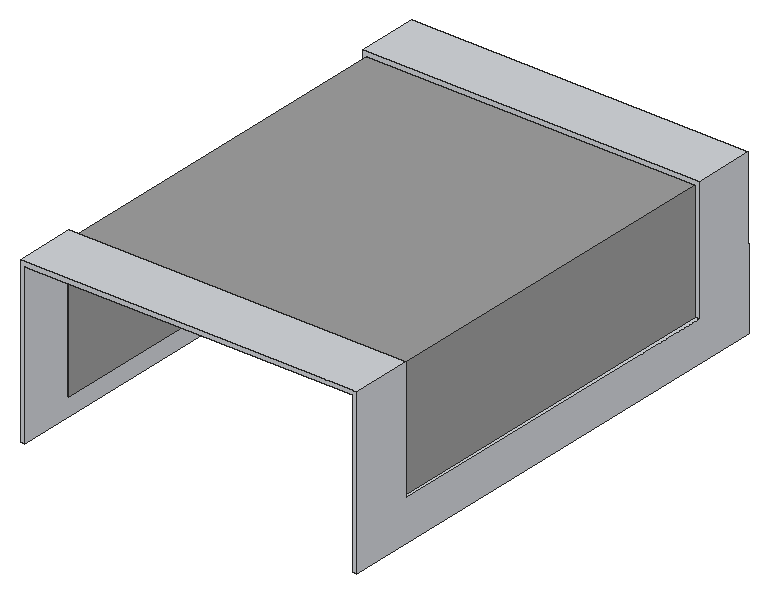
Revit family "1458", category Lighting Fixtures, Revit 2016
Family settings
  Part Type = Normal
  Round Connector Dimension = Use Diameter
  OmniClass Number = 23.80.70.00
  OmniClass Title = Lighting
  Work Plane-Based = No
  Always vertical = Yes
  Cut with Voids When Loaded = No
  Light Source = Yes
  Shared = No
  Room Calculation Point = No
Parameters
  Wattage = 12.1178 W
  built-in parameter 1150110 = 1 (stored number, unit not read)
  built-in parameter 1114217 = 1 (stored number, unit not read)
  built-in parameter 1150109 = 1 (stored number, unit not read)
  built-in parameter 1150134 = (empty or 0)
  built-in parameter 1150113 = 1 (stored number, unit not read)
  Lumens = 1800 lm
  built-in parameter 1150115 = 1 (stored number, unit not read)
  built-in parameter 1150105 = 143.24 (stored number, unit not read)
  Light Source Symbol Size = 2' - 0"
  built-in parameter 1150137 = (empty or 0)
  built-in parameter 1150139 = (empty or 0)
  built-in parameter 1150112 = 1 (stored number, unit not read)
  built-in parameter 1150114 = 1 (stored number, unit not read)
  built-in parameter 1150132 = 2
  built-in parameter 1150102 = (empty or 0)
  built-in parameter 1150138 = (empty or 0)
  built-in parameter 1150107 = 3000 (stored number, unit not read)
  built-in parameter 1150106 = 1.4324 (stored number, unit not read)
  built-in parameter 1150104 = 13.8 (stored number, unit not read)
  Dimming Lamp Color Temperature Shift = (empty or 0)
  Color Filter = 16777215
  built-in parameter 1114218 = 1 (stored number, unit not read)
  built-in parameter 1150133 = 10 (stored number, unit not read)
Reference planes (in)
  plane 1 "Light Source Axis (F/B)": y = 0
  plane 2: z = 0
  plane 3 "Light Source Axis (L/R)": x = 0
  plane 4 "Light Source Elevation": z = 3.68396
  plane 5: y = -6
  plane 6: z = 4
  plane 7: y = 4.75
Forms (in)
  Extrusion 1, solid
    sketch origin (-15.9177, -6, 48) x (-1, 0, 0) y (0, 0, 1)
      loop
        line (-20.0427, -48) -> (-19.9427, -48) -> (-19.9427, -44.11177) -> (-11.8927, -44.11177) -> (-11.8927, -48) -> (-11.7927, -48) -> (-11.7927, -44) -> (-20.0427, -44) -> (-20.0427, -48)
    from 0 to 12
  Extrusion 2, void
    sketch origin (0, 5.75, 4) x (0, 1, 0) y (-1, 0, 0)
      loop
        line (-1.25, 4.125) -> (-10.25, 4.125) -> (-10.25, -4.125) -> (-1.25, -4.125) -> (-1.25, 4.125)
    from 0 to -3
  Extrusion 3, solid, material "Arylic-Brownlee"
    sketch origin (0, 4.75, 1) x (0, 0, -1) y (-1, 0, 0)
      loop
        line (0.51731, -4.025) -> (0.51731, -3.9625) -> (-2.82736, -3.9625) -> (-2.82736, 3.9625) -> (0.51731, 3.9625) -> (0.51731, 4.025) -> (-2.88823, 4.025) -> (-2.88823, -4.025) -> (0.51731, -4.025)
    from 0 to -9.45565
Cuts and joins
  Extrusion 2 cuts Extrusion 1
Dimensions and locks (in)
  aligned and locked: plane 3 "Light Source Axis (L/R)" to imposter light
  aligned and locked: plane 4 "Light Source Elevation" to imposter light
  aligned and locked: level to plane 2
